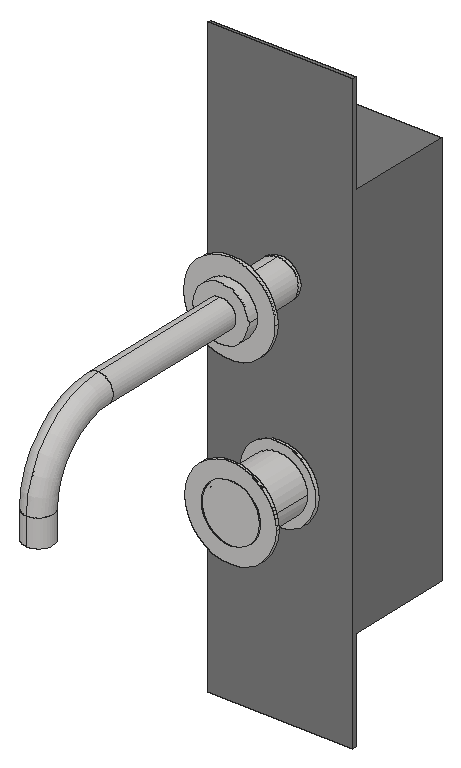
Revit family "CBR_4311", category Plumbing Fixtures, Revit 2021
Family settings
  Round Connector Dimension = Use Diameter
  Part Type = Normal
  Work Plane-Based = No
  Always vertical = Yes
  Cut with Voids When Loaded = No
  Shared = No
  Room Calculation Point = No
Parameters
  e-mail = "info@vola.com"
  URL = "http://vola.com"
  Telephone = "+45 7023 5500"
  Quality management standard = "ISO 9001"
  Organisation no. / DUNS no. = "17531328"
  Occupational health and safety management standard = "ISO 18001"
  Mounting Instructions = ""
  Model = "4311"
  Mixer Offset [instance] = 39.00 mm
  Mixer = yes
  Materials and components information = ""
  Manufacturer = "VOLA A/S"
  Maintenance Instructions = ""
  Guarantee = "2 years"
  Flow = "5,00 l/min"
  Environmental management standard = "ISO 14000"
  Default Elevation = 0.00 mm
  Connection - All relevant connections = "To valve box 3/8\" and to mixer ½\""
  Approvals = ""
Reference planes
  plane 1 "Center (Front/Back)": y = 0
  plane 2: z = 0
  plane 3 "Center (Left/Right)": x = 0
  plane 4 "Mixer plane": y = 39
  plane 5 "Wall Surface": y = 0
Forms (mm)
  Extrusion 1, solid, material "Stainless Steel", visible <- "Mixer"
    sketch origin (0, 37, 76.2) x (-1, 0, 0) y (0, 0, -1)
      loop
        circle (0, 13.2) r 13.2
    from 0 to 37
Dimensions and locks
  "Mixer Offset": plane 4 "Mixer plane" to plane 1 "Center (Front/Back)"
  aligned and locked: plane 2 to level
  aligned and locked: plane 1 "Center (Front/Back)" to Extrusion 1
  aligned and locked: nested 1 to Extrusion 1
  aligned and locked: plane 4 "Mixer plane" to nested 1
  aligned and locked: nested 5 to nested 3
Automatic sketch dimensions
  radius of Extrusion 1 sketch curve to nested 1 = 0.00 mm
Nested families
  nested 1: "4300" at (0, 111.5, 0), visible <- "Mixer", type "4300"
  nested 2: "001" at (-0.539, 0, 63) x (1, 0, 0) z (0, -1, 0), type "001"
  nested 3: "VR510" at (0, 0, -57), type "Standard"
  nested 4: "010" at (-0.539, -2, 63), type "010"
  nested 5: "VR512" at (0, 0, -57), type "Standard"
Connectors
  piping at (47.5, 84.5, 63), diameter 19
    settings: on nested 1, index 1, connector inside diameter 0.74803", connector length 0.00 mm, flow factor 0, pipe flow 0 GPM, pressure drop 0.00 psi, fitting loss kfactor 0, connector angle 0.00°, fixture units 0, engagement length 0.00 mm, angle of deflection 0.00°, flow configuration 0, flow direction 1, fitting loss method 0, system type 20, joint type 0, gender type 0, connector reference index -1, connector utility 0, adjustable connector no, is connector primary yes, connector description ""
Definition of nested family "4300"
  Parameters
    Default Elevation = 0.00 mm
  Reference planes
    plane 1 "Center (Front/Back)": y = 0
    plane 2: z = 0
    plane 3 "Center (Left/Right)": x = 0
    plane 4: x = 0
    plane 5: y = -27
  Forms (mm)
    Extrusion 1, solid
      sketch origin (69, -2, -2.5) x (0, 0, 1) y (0, 1, 0)
        loop
          line (-127.5, 2) -> (-127.5, -68) -> (132.5, -68) -> (132.5, 2) -> (-127.5, 2)
      from 21.5 to 116.5
    Extrusion 2, solid
      sketch origin (70, -2, -2.5) x (0, 0, 1) y (0, 1, 0)
        loop
          line (-193.5, -68) -> (-193.5, -70.5) -> (198.5, -70.5) -> (198.5, -68) -> (-193.5, -68)
      from 22.5 to 117.5
    Extrusion 3, solid
      sketch origin (69, -2, -96) x (0, 0, 1) y (-1, 0, 0)
        loop
          circle (39, 69) r 25
      from 70.5 to 72.5
    Extrusion 4, solid
      sketch origin (69, -2, 24) x (0, 0, 1) y (-1, 0, 0)
        loop
          circle (39, 69) r 13.2
      from 70.5 to 72.5
  Cuts and joins
    joined: Extrusion 1, Extrusion 2
  Lines and regions (mm)
    reference lines
      curve 1: line (0, -27, -57) -> (0, -122.5, -57)
      curve 2: line (0, -27, 63) -> (0, -124.5, 63)
      curve 3: line (0, -27, 63) -> (99, -27, 63)
      curve 4: line (0, -27, -57) -> (99, -27, -57)
      curve 5: line (0, -27, 63) -> (-99, -27, 63)
      curve 6: line (0, -27, -57) -> (-99, -27, -57)
  Dimensions and locks
    aligned and locked: plane 2 to level
    aligned and locked: Extrusion 1 to Extrusion 2
    aligned and locked: Extrusion 2 to Extrusion 1
Definition of nested family "001"
  Parameters
    e-mail = "info@vola.com"
    URL = "http://vola.com"
    Telephone = "+45 7023 5500"
    Quality management standard = "ISO 9001"
    Organisation no. / DUNS no. = "17531328"
    Occupational health and safety management standard = "ISO 18001"
    Mounting Instructions = "http://vola.com/service/producturl.ashx?name=001"
    Model = "001"
    Materials and components information = "http://vola.com/service/producturl.ashx?name=001"
    Manufacturer = "VOLA A/S"
    Maintenance Instructions = "http://vola.com/service/producturl.ashx?name=001"
    Guarantee = "2 years"
    Environmental management standard = "ISO 14000"
    Default Elevation = 1219.20 mm
    Connection - All relevant connections = ""
    Approvals = "http://vola.com/service/producturl.ashx?name=001"
  Reference planes
    plane 1 "Center (Front/Back)": y = 0
    plane 2: z = 0
    plane 3 "Center (Left/Right)": x = 0
  Forms (mm)
    Extrusion 1, solid
      sketch origin (0, 0, 0) x (1, 0, 0) y (0, 1, 0)
        loop
          circle (0, 0) r 16.5
        loop
          circle (0, 0) r 30
      from 0 to 2
  Dimensions and locks
    aligned and locked: plane 2 to level
Definition of nested family "VR510"
  Parameters
    e-mail = "info@vola.com"
    URL = "http://vola.com"
    Telephone = "+45 7023 5500"
    Quality management standard = "ISO 9001"
    Organisation no. / DUNS no. = "17531328"
    Occupational health and safety management standard = "ISO 18001"
    Mounting Instructions = ""
    Model = "RS82E"
    Materials and components information = ""
    Manufacturer = "VOLA A/S"
    Maintenance Instructions = ""
    Guarantee = "2 years"
    Environmental management standard = "ISO 14000"
    Default Elevation = 0.00 mm
    Connection - All relevant connections = ""
    Approvals = "http://vola.com/service/producturl.ashx?name=RS82E"
  Reference planes
    plane 1 "Center (Front/Back)": y = 0
    plane 2: z = 0
    plane 3 "Center (Left/Right)": x = 0
  Forms (mm)
    Extrusion 1, solid
      sketch origin (0, 0, 0) x (-1, 0, 0) y (0, 0, -1)
        loop
          circle (0, 0) r 19
      from 0 to 1.5
  Lines and regions (mm)
    model lines
      curve 1: circle (0, -1.5, 0) r 1.5 normal (0, 1, 0)
      curve 2: circle (0, -1.5, 5) r 1.5 normal (0, 1, 0)
      curve 3: circle (0, -1.5, -5) r 1.5 normal (0, 1, 0)
  Dimensions and locks
    aligned and locked: plane 2 to level
Definition of nested family "010"
  Parameters
    e-mail = "info@vola.com"
    URL = "http://vola.com"
    Telephone = "+45 7023 5500"
    Quality management standard = "ISO 9001"
    Organisation no. / DUNS no. = "17531328"
    Occupational health and safety management standard = "ISO 18001"
    Mounting Instructions = "http://vola.com/service/producturl.ashx?name=010"
    Model = "010"
    Materials and components information = "http://vola.com/service/producturl.ashx?name=010"
    Manufacturer = "VOLA A/S"
    Maintenance Instructions = "http://vola.com/service/producturl.ashx?name=010"
    Guarantee = "2 years"
    Flow = "0 l/min"
    Environmental management standard = "ISO 14000"
    Default Elevation = 0.00 mm
    Connection - All relevant connections = ""
    Approvals = "http://vola.com/service/producturl.ashx?name=010"
  Reference planes
    plane 1 "Center (Front/Back)": y = 0
    plane 2: z = 0
    plane 3 "Center (Left/Right)": x = 0
  Forms (mm)
    Extrusion 1, solid
      sketch origin (0, 0, 0) x (1, 0, 0) y (0, 0, 1)
        loop
          circle (0, 0) r 18
      from 0 to 7
    Sweep 2, solid
      path origin (0, 0, 0) x (0, 1, 0) y (0, 0, 1)
        loop
          line (-7, 0) -> (-107, 0)
          arc (-107, 0) -> (-141.648, -14.352) -> (-156, -49) r 49
      profile origin (0, -141.648, -14.352) x (0, 0.707107, -0.707107) y (1, 0, 0)
        loop
          circle (0, 0) r 9.5
    Extrusion 3, solid
      sketch origin (0, -156, -49) x (0, -1, 0) y (-1, 0, 0)
        loop
          circle (0, 0) r 9.5
      from 0 to 18
  Dimensions and locks
    aligned and locked: plane 2 to level
Definition of nested family "VR512"
  Parameters
    e-mail = "info@vola.com"
    URL = "http://vola.com"
    Telephone = "+45 7023 5500"
    Quality management standard = "ISO 9001"
    Organisation no. / DUNS no. = "17531328"
    Occupational health and safety management standard = "ISO 18001"
    Mounting Instructions = "http://vola.com/service/producturl.ashx?name=RS82E"
    Model = "RS82E"
    Materials and components information = "http://vola.com/service/producturl.ashx?name=RS82E"
    Manufacturer = "VOLA A/S"
    Maintenance Instructions = "http://vola.com/service/producturl.ashx?name=RS82E"
    Guarantee = "2 years"
    Environmental management standard = "ISO 14000"
    Default Elevation = 0.00 mm
    Connection - All relevant connections = ""
    Approvals = "http://vola.com/service/producturl.ashx?name=RS82E"
  Reference planes
    plane 1 "Center (Front/Back)": y = 0
    plane 2: z = 0
    plane 3 "Center (Left/Right)": x = 0
  Forms (mm)
    Extrusion 1, solid
      sketch origin (0, 0, 0) x (-1, 0, 0) y (0, 0, -1)
        loop
          circle (0, 0) r 30
        loop
          circle (0, 0) r 19
      from 0 to 1.5
    Extrusion 2, solid
      sketch origin (78, 18.799, 0) x (1, 0, 0) y (0, 0, 1)
        loop
          circle (-78, 0) r 19
        loop
          circle (-78, 0) r 17
      from -18.201 to 18.799
    Extrusion 3, solid
      sketch origin (0, 0, 0) x (1, 0, 0) y (0, 0, 1)
        loop
          circle (0, 0) r 17
        loop
          circle (0, 0) r 15
      from -37 to -2.174
  Dimensions and locks
    aligned and locked: plane 2 to level
